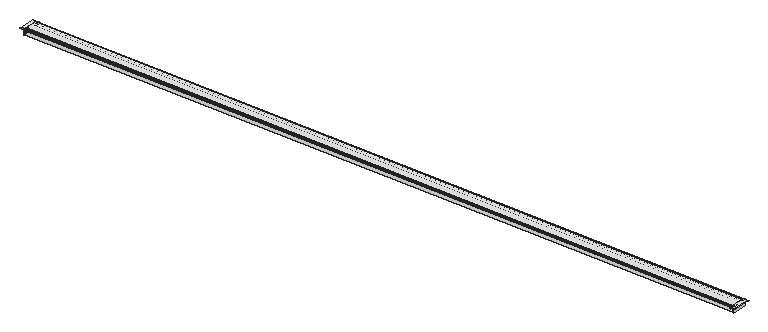
Revit family "RS2811 updated", category Lighting Fixtures, host Face, Revit 2020 (continued)
Definition of nested family "DFRGBW 2"
  Definition of nested family "Increment DFRGBW strip"
    Forms (in)
      Extrusion 3, solid, material <- "LED"
        sketch origin (0, 0, 0) x (1, 0, 0) y (0, 1, 0)
          loop
            line (1.85195, 0.19178) -> (1.77507, 0.19178)
          loop
            arc (2.57777, 0.19178) -> (2.55646, 0.17046) -> (2.57777, 0.14915) r 0.02132
            line (2.57777, 0.14915) -> (2.65465, 0.14915)
            arc (2.65465, 0.14915) -> (2.67597, 0.17046) -> (2.65465, 0.19178) r 0.02132
            line (2.65465, 0.19178) -> (2.57777, 0.19178)
          loop
            arc (2.73835, 0.19178) -> (2.71703, 0.17046) -> (2.73835, 0.14915) r 0.02132
            line (2.73835, 0.14915) -> (2.81523, 0.14915)
            arc (2.81523, 0.14915) -> (2.83654, 0.17046) -> (2.81523, 0.19178) r 0.02132
            line (2.81523, 0.19178) -> (2.73835, 0.19178)
          loop
            arc (1.52738, -0.14925) -> (1.50607, -0.17057) -> (1.52738, -0.19189) r 0.02132
            line (1.52738, -0.19189) -> (1.60426, -0.19189)
            arc (1.60426, -0.19189) -> (1.62557, -0.17057) -> (1.60426, -0.14925) r 0.02132
            line (1.60426, -0.14925) -> (1.52738, -0.14925)
          loop
            arc (0.29284, -0.14925) -> (0.27153, -0.17057) -> (0.29284, -0.19189) r 0.02132
            line (0.29284, -0.19189) -> (0.36972, -0.19189)
            arc (0.36972, -0.19189) -> (0.39103, -0.17057) -> (0.36972, -0.14925) r 0.02132
            line (0.36972, -0.14925) -> (0.29284, -0.14925)
        from 0.04474 to 0.05111
    Dimensions and locks (in)
      "Increment": plane 3 "Center (Left/Right)" to plane 4
      equal spacing: plane 5, plane 1 "Center (Front/Back)", plane 6
      "Width": plane 5 to plane 6
      equal spacing: Extrusion 2, plane 1 "Center (Front/Back)", Extrusion 2
      "Height": plane 9 to plane 2
      aligned and locked: plane 2 to level
      aligned and locked: Sweep 1 sketch curve to plane 1 "Center (Front/Back)"
      aligned and locked: plane 3 "Center (Left/Right)" to Sweep 1 sketch curve
      aligned and locked: plane 4 to Sweep 1 sketch curve
      aligned and locked: plane 6 to Sweep 1 sketch curve
      aligned and locked: Sweep 1 sketch curve to plane 5
      aligned and locked: Extrusion 2 to Sweep 1
      aligned and locked: Extrusion 2 to plane 9
      aligned and locked: Extrusion 3 to Sweep 1
      aligned and locked: plane 10 to Extrusion 3
    Automatic sketch dimensions
      level to Sweep 1 sketch curve = 0.04474"
      Sweep 1 sketch curve to level = 0.0000"
      Extrusion 2 sketch curve to plane 3 "Center (Left/Right)" = 0.0000"
      Extrusion 2 sketch curve to plane 4 = 0.0000"
      plane 1 "Center (Front/Back)" to Extrusion 2 sketch curve = 0.11457"
      Extrusion 2 sketch curve to plane 1 "Center (Front/Back)" = 0.11457"
      Extrusion 3 sketch curve to plane 5 = 0.04311"
      plane 7 to Extrusion 3 sketch curve = 0.13659"
      Extrusion 3 sketch curve to Extrusion 3 sketch curve = 0.07688"  (x7)
      plane 6 to Extrusion 3 sketch curve = 0.08585"  (x3)
      plane 7 to Extrusion 3 sketch curve = 0.28299"
      Extrusion 3 sketch curve to Extrusion 3 sketch curve = 0.29073"
      plane 6 to Extrusion 3 sketch curve = 0.04322"  (x2)
      Extrusion 3 sketch curve to Extrusion 3 sketch curve = 0.07919"
      Extrusion 3 sketch curve to plane 5 = 0.08575"
      Extrusion 3 sketch curve to plane 8 = 0.25387"
      Extrusion 3 sketch curve to plane 8 = 0.00618"
      plane 8 to Extrusion 3 sketch curve = 0.0707"
      plane 6 to Extrusion 3 sketch curve = 0.06454"
      Extrusion 3 sketch curve to plane 4 = 0.70223"
      Extrusion 3 sketch curve to Extrusion 3 sketch curve = 0.0837"
      Extrusion 3 sketch curve to Extrusion 3 sketch curve = 0.04263"  (x3)
      Extrusion 3 sketch curve to Extrusion 3 sketch curve = 0.02132"  (x5)
Types (5): name | Wattage Comments | Rdwn | Product Name | Number of LED's | No Of Source | Model | Max Input Current | Lumen Output | LED Tape Page URL | LED Tape Documentation link | Increment | DFRGBW 2 Watt | DFRGBW 2 Lumens | DFRGBW 2 | DFD3 Watt | DFD3 Lumens | DFD3 | DFD2 Watt | DFD2 Lumens | DFD2 | DFD1 Watt | DFD1 Lumens | DFD1 | Color Option Available | CCT | Apparent Load | Actual No Of Source | Actual Light Length
  (no name) | "4.4W/FT" | 25 | "DFD3" | "146 Diodes/FT" | 25 | "DFD3" | "4A" | "419 lm/FT" | "https://bllighting.com/products/led-tape/dfd3" | "https://bllighting.com/wp-content/uploads/DFD3-Specification.pdf" | 1.9685" | 18.7418 W | 843.379 lm | no | 18.0446 W | 1768.37 lm | yes | 10.0065 W | 1000.65 lm | no | 5.00327 W | 460.301 lm | no | "2400K,2700K,3000K,3500K,4000K" | "2400K,2700K,3000K,3500K,4000K" | 96 VA | 25 | 49.2125"
  112 lm per FT 1.22 W per FT - DFD1 | "1.22W/FT" | 25 | "DFD1" | "146 Diodes/FT" | 25 | "DFD1" | "4A" | "112 lm/FT" | "https://bllighting.com/products/led-tape/dfd1" | "https://bllighting.com/wp-content/uploads/DFD1-Specification.pdf" | 1.9685" | 18.7418 W | 843.379 lm | no | 18.0446 W | 1768.37 lm | no | 10.0065 W | 1000.65 lm | no | 5.00327 W | 460.301 lm | yes | "2700K,3000K,4000K,6500K" | "2700K,3000K,4000K,6500K" | 96 VA | 25 | 49.2125"
  258 lm per FT 2.44 W per FT - DFD2 | "2.44W/FT" | 25 | "DFD2" | "146 Diodes/FT" | 25 | "DFD2" | "4A" | "258 lm/FT" | "https://bllighting.com/products/led-tape/dfd2" | "https://bllighting.com/wp-content/uploads/DFD2-Specification.pdf" | 1.9685" | 18.7418 W | 843.379 lm | no | 18.0446 W | 1768.37 lm | no | 10.0065 W | 1000.65 lm | yes | 5.00327 W | 460.301 lm | no | "2400K,2700K,3000K,3500K,4000K" | "2400K,2700K,3000K,3500K,4000K" | 96 VA | 25 | 49.2125"
  419 lm per FT 4.4 W per FT - DFD3 | "4.4W/FT" | 25 | "DFD3" | "146 Diodes/FT" | 25 | "DFD3" | "4A" | "419 lm/FT" | "https://bllighting.com/products/led-tape/dfd3" | "https://bllighting.com/wp-content/uploads/DFD3-Specification.pdf" | 1.9685" | 18.7418 W | 843.379 lm | no | 18.0446 W | 1768.37 lm | yes | 10.0065 W | 1000.65 lm | no | 5.00327 W | 460.301 lm | no | "2400K,2700K,3000K,3500K,4000K" | "2400K,2700K,3000K,3500K,4000K" | 96 VA | 25 | 49.2125"
  207 lm per FT 4.57 W per FT - DFRGBW 2 | "4.57W/FT" | 15 | "DFRGBW 2" | "410 Diodes/FT" | 15 | "DFRGBW 2" | "0.625A" | "207 lm/FT" | "https://bllighting.com/products/led-tape/dfrgbw2" | "https://bllighting.com/wp-content/uploads/DFRGBW-2-Specification.pdf" | 3.2795" | 18.7341 W | 843.036 lm | yes | 18.0373 W | 1767.65 lm | no | 10.0025 W | 1000.25 lm | no | 5.00124 W | 460.114 lm | no | "3000K" | "3000K" | 15 VA | 15 | 49.1925"
